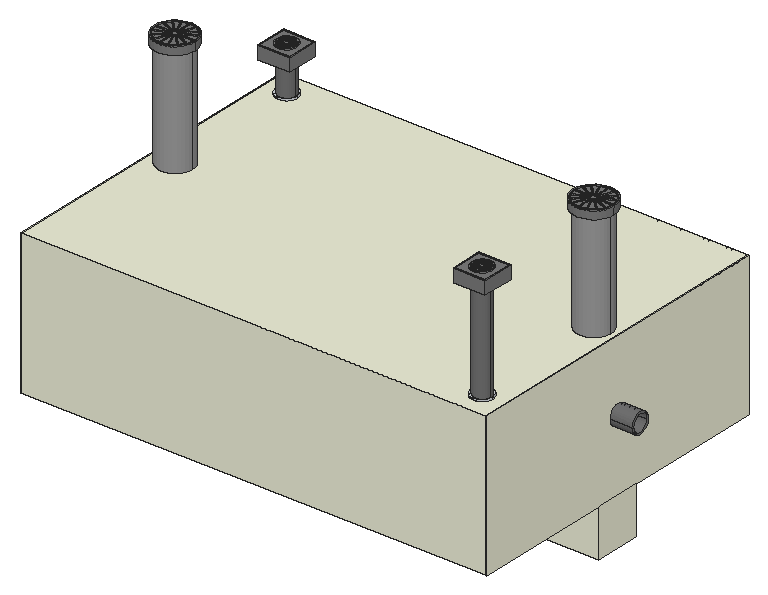
Revit family "Civil_Drainage_ACO_StormBrixx wm", category Pipe Accessories, Revit 2013
Parameters (values of type "Attenuation System Configuration")
  no of Units in W [instance] = Rough Width / 600 mm  # 7
  no of Units in L [instance] = Rough Length / 600 mm  # 10
  no of Units in D [instance] = Rough Depth / 610 mm  # 3
  e-mail Technical = "technical@aco.co.uk"
  e-mail Sales = "customersupport@aco.co.uk"
  _distributed by = "www.aco.co.uk"
  _current revision = 1
  Width [instance] = 600 mm * no of Units in W  # 4200 mm
  Watermarked With = "BIM Manager Premium Suite"
  Watermarked By = "www.aco.co.uk"
  Watermark 1 = "This file is the property of ACO Technologies PLC"
  Watermark 2 = "This file is water marked and users are prohibited to reproduce, adapt, distribute this information"
  WarrantyStartDate = ""
  WarrantyGuarantorParts = ""
  WarrantyGuarantorLabor = ""
  WarrantyDurationUnit = ""
  WarrantyDurationParts = ""
  WarrantyDurationLabor = ""
  WarrantyDescription = ""
  Volume [instance] = Length * Width * Depth  # 46.116 m³
  Uniclass2 = ""
  URL = "www.aco.co.uk"
  TypeName = ""
  Type Comments = "Attenuation System"
  Trap W = 600 mm
  Top Cover = "Product Code: 314022 (set of 4), Material: Recycled Polypropylene, Weight: 0.8kg (per set), Colour: Black, Dimensions: 550mm x550mm x 43mm (L x W x H)"
  Telephone = "+44 (0)1462 816666"
  Tank Body = "Product Code: 314020, Material: Recycled Polypropylene, Weight: 10kg, Colour: Black, Dimensions: 1200mm x 600mm x 305mm (L x W x H), Vertical compressive strength: 420 kN/m², Lateral compressive strength: 90 kN/m², Void Ratio: 95%"
  TagNumber = 0
  SpareParts = ""
  Side Panel = "Product Code: 314021, Material: Recycled Polypropylene, Weight: 1.6kg, Colour: Black, Dimensions: 580mm x 578mm x 35mm (L x W x H)"
  Show Grid [instance] = yes
  SerialNumber = 0
  SIC = yes
  Rough Width [instance] = 4250 mm
  Rough Length [instance] = 6050 mm
  Rough Depth [instance] = 1800 mm
  ReplacementCost = ""
  Product Website = "www.stormbrixx.co.uk"
  Product Documentation = "http://www.aco.co.uk/download.php?id=493"
  Outlet Inspection Chamber Height [instance] = 600 mm
  Outlet Inspection Chamber [instance] = yes
  Outlet Connection Side = not(Outlet Connection Pipe)  # no
  Outlet Connection Position (W) [instance] = 2108 mm
  Outlet Connection Position (H) [instance] = 900 mm
  Outlet Connection Pipe = yes
  Outlet Access Chamber Height [instance] = 1500 mm
  Outlet Access Chamber [instance] = yes
  NominalWidth [instance] = Width  # 4200 mm
  NominalLength [instance] = Length  # 6000 mm
  NominalHeight [instance] = Depth  # 1830 mm
  Name = ""
  ModelNumber = ""
  Model = "StormBrixx"
  Manufacturers Address = "ACO Business Park, Hitchin Road, Shefford, Bedfordshire, United Kingdow, SG17 5TE"
  Manufacturer = "ACO Technologies plc"
  Maintenance Guidelines = "http://www.aco.co.uk/download.php?id=493"
  MIC = no
  Low Flow / Draindown Facility [instance] = yes
  Loss Method = K Coefficient from Table
  Location of ConIn = 900 mm
  Length [instance] = 600 mm * no of Units in L  # 6000 mm
  Layer Connector = "Product Code: 314023, Material: Recycled Polypropylene, Weight: 0.1kg, Colour: Red, Dimensions: 100mm x 40mm x 46mm (L x W x H)"
  Keynote = "R17:315"
  InstallationDate = ""
  Installation Guidelines = "http://www.aco.co.uk/download.php?id=493"
  Inlet Inspection Chamber Height [instance] = 1500 mm
  Inlet Inspection Chamber [instance] = yes
  Inlet Connection Position (W) [instance] = 2108 mm
  Inlet Connection Pipe = yes
  Inlet Access Chamber Height [instance] = 1500 mm
  Inlet Access Chamber [instance] = yes
  Inlect Connection Position (H) [instance] = 900 mm
  Ground Cover [instance] = 1000 mm
  Fax = "+44 (0)1462 815895"
  ExpectedLife = 0
  Exidentifier = ""
  Exc A = 25.00°
  DurationUnit = ""
  Draindown Width = 600 mm
  Draindown Position [instance] = 1808 mm
  Draindown Depth = 610 mm
  DocumentationLink = ""
  Description = "ACO StormBrixx Attenuation System, configured as Attenuation system"
  Depth [instance] = 610 mm * no of Units in D  # 1830 mm
  CreatedOn = ""
  CreatedBy = ""
  Cost = 0
  Connection OUT Rad = Connection OUT Dia / 2  # 112.5 mm
  Connection OUT Dia = 225 mm
  Connection IN Rad = Conection IN Dia / 2  # 112.5 mm
  Conection IN Dia = 225 mm
  Con B Out = Connection OUT Rad + 15 mm  # 127.5 mm
  Con A Out = Connection IN Rad + 15 mm  # 127.5 mm
  Barcode = 0
  AssetType = ""
  AssetIdentifier = ""
  Assembly Code = "D2090300"
Types (2, lengths in mm): name | Type Comments | Top Cover | SIC | Rough Width | Outlet Connection Side | Outlet Connection Position (W) | Outlet Connection Position (H) | Outlet Connection Pipe | Outlet Access Chamber | MIC | Inlet Connection Position (W) | Inlect Connection Position (H) | Description
  Attenuation System Configuration | "Attenuation System" | "Product Code: 314022 (set of 4), Material: Recycled Polypropylene, Weight: 0.8kg (per set), Colour: Black, Dimensions: 550mm x550mm x 43mm (L x W x H)" | yes | 4250 | no | 2108 | 900 | yes | yes | no | 2108 | 900 | "ACO StormBrixx Attenuation System, configured as Attenuation system"
  Infiltration System Configuration | "Inflitration System" | "Product Code: 314022 (set of 4), Material: Recycled Polypropylene, Weight: 0.8kg (per set), Colour: Black, Dimensions: 550mm x 550mm x 43mm (L x W x H)" | no | 4226.671 | yes | 1112.008 | 1220 | no | no | yes | 1231.229 | 1299.004 | "ACO StormBrixx Auttenuation System, configured as Infiltration system"
Reference planes
  plane 1 "Center (Front/Back)": y = -49.9
  plane 2: z = 0
  plane 3 "Center (Left/Right)": x = -63.503
  plane 4: y = 2050.1
  plane 5: y = -2149.9
  plane 6: x = -3063.503
  plane 7: x = 2936.497
  plane 8 "TOP OF BODY": z = -1000
  plane 9: z = -2830
  plane 10 "CoinInHoriz": z = -1900
  plane 11 "CoinOutHoriz": z = -1796.171
  plane 12: y = 2075.1
  plane 13: y = -2174.9
  plane 14: x = -3088.503
  plane 15: x = 2961.497
  plane 16: y = 1750.1
  plane 17: x = -2763.503
  plane 18: y = -1849.9
  plane 19: x = 2636.497
  plane 20: z = -400
  plane 21: z = 500
  plane 22: z = -975
  plane 23: y = 2058.1
  plane 24: x = -3071.503
  plane 25: x = 2944.497
  plane 26: y = -2157.9
  plane 27: z = -2838
  plane 28: z = -992
  plane 29: z = -100
  plane 30: x = -3363.503
  plane 31: x = 3236.497
  plane 32: x = -2763.503
  plane 33: x = -2163.503
  plane 34: x = -1563.503
  plane 35: x = -963.503
  plane 36: x = -363.503
  plane 37: x = 236.497
  plane 38: x = 836.497
  plane 39: x = 1436.497
  plane 40: x = 2036.497
  plane 41: x = 2636.497
  plane 42: x = 3236.497
  plane 43: x = 3836.497
  plane 44: y = 1150.1
  plane 45: y = 548.434
  plane 46: y = -53.233
  plane 47: y = -654.899
  plane 48: y = -1256.566
  plane 49: y = -1858.232
  plane 50: y = -2459.898
  plane 51: y = -3061.565
  plane 52: y = 250.1
  plane 53: y = -349.9
  plane 54: y = 242.1
  plane 55: y = -341.9
  plane 56: z = -3440
  plane 57: z = -3448
  plane 58: y = -49.9
  plane 59: z = -1900
  plane 60: z = -1900
  plane 61: y = -49.9
  plane 62: x = -2763.503
  plane 63: x = 2636.497
Forms (mm)
  Extrusion 1, solid, visible <- "Low Flow / Draindown Facility"
    sketch origin (0, 0, 0) x (1, 0, 0) y (0, 1, 0)
      loop
        line (-3063.503, 2050.1) -> (-3063.503, -2149.9) -> (2936.497, -2149.9) -> (2936.497, 2050.1) -> (-3063.503, 2050.1)
    from -2830 to -1000
  Extrusion 2, solid, visible <- "Low Flow / Draindown Facility"
    sketch origin (-63.503, 0, 0) x (0, 1, 0) y (0, 0, 1)
      loop
        line (242.1, -3440) -> (242.1, -2830) -> (-341.9, -2830) -> (-341.9, -3440) -> (242.1, -3440)
    from -3000 to 3000
  Extrusion 3, solid
    sketch origin (0, 0, 0) x (1, 0, 0) y (0, 1, 0)
      loop
        circle (-2763.503, 1750.1) r 112.5
      loop
        circle (-2763.503, 1750.1) r 137.5
    from -1000 to -975
  Extrusion 4, solid
    sketch origin (0, 0, 0) x (1, 0, 0) y (0, 1, 0)
      loop
        circle (2636.497, -1849.9) r 112.5
      loop
        circle (2636.497, -1849.9) r 137.5
    from -1000 to -975
  Extrusion 5, solid, material "ACO_Plastic_Black", visible <- "Outlet Connection Pipe"
    sketch origin (-3063.503, 0, 0) x (0, -1, 0) y (0, 0, 1)
      loop
        circle (49.9, -1900) r 112.5
      loop
        circle (49.9, -1900) r 127.5
    from 0 to 300
  Extrusion 6, solid, material "ACO_Plastic_Black", visible <- "Inlet Connection Pipe"
    sketch origin (2936.497, 0, 0) x (0, 1, 0) y (0, 0, 1)
      loop
        circle (-49.9, -1900) r 112.5
      loop
        circle (-49.9, -1900) r 127.5
    from 0 to 300
  Extrusion 7, solid, material "ACO_ACOTex_Plus_Protection_Fleece"
    sketch origin (-63.503, 0, 0) x (0, 1, 0) y (0, 0, 1)
      loop
        line (2058.1, -992) -> (-2157.9, -992) -> (-2157.9, -2838) -> (2058.1, -2838) -> (2058.1, -992)
      loop
        line (2050.1, -1000) -> (-2149.9, -1000) -> (-2149.9, -2830) -> (2050.1, -2830) -> (2050.1, -1000)
    from -3000 to 3000
  Extrusion 8, solid, material "ACO_ACOTex_Plus_Protection_Fleece"
    sketch origin (-63.503, 0, 0) x (0, 1, 0) y (0, 0, 1)
      loop
        line (2058.1, -992) -> (-2157.9, -992) -> (-2157.9, -2838) -> (2058.1, -2838) -> (2058.1, -992)
      loop
        circle (-49.9, -1900) r 127.5
    from 3000 to 3008
  Extrusion 9, solid, material "ACO_ACOTex_Plus_Protection_Fleece", visible <- "Outlet Connection Pipe"
    sketch origin (-63.503, 0, 0) x (0, 1, 0) y (0, 0, 1)
      loop
        line (2058.1, -992) -> (-2157.9, -992) -> (-2157.9, -2838) -> (2058.1, -2838) -> (2058.1, -992)
      loop
        circle (-49.9, -1900) r 127.5
    from -3008 to -3000
  Extrusion 10, solid, material "ACO_ACOTex_Plus_Protection_Fleece", visible <- "Low Flow / Draindown Facility"
    sketch origin (-63.503, 0, 0) x (0, 1, 0) y (0, 0, 1)
      loop
        line (250.1, -2838) -> (-349.9, -2838) -> (-349.9, -3448) -> (250.1, -3448) -> (250.1, -2838)
    from -3008 to -3000
  Extrusion 11, solid, material "ACO_ACOTex_Plus_Protection_Fleece", visible <- "Low Flow / Draindown Facility"
    sketch origin (-63.503, 0, 0) x (0, 1, 0) y (0, 0, 1)
      loop
        line (242.1, -2838) -> (242.1, -3440) -> (-341.9, -3440) -> (-341.9, -2838) -> (-349.9, -2838) -> (-349.9, -3448) -> (250.1, -3448) -> (250.1, -2838) -> (242.1, -2838)
    from -3000 to 3000
  Extrusion 12, solid, material "ACO_ACOTex_Plus_Protection_Fleece", visible <- "Low Flow / Draindown Facility"
    sketch origin (-63.503, 0, 0) x (0, 1, 0) y (0, 0, 1)
      loop
        line (250.1, -3448) -> (250.1, -2838) -> (-349.9, -2838) -> (-349.9, -3448) -> (250.1, -3448)
    from 3000 to 3008
  Extrusion 13, solid, material "ACO_ACOTex_Plus_Protection_Fleece", visible <- "Outlet Connection Side"
    sketch origin (-63.503, 0, 0) x (0, 1, 0) y (0, 0, 1)
      loop
        line (2058.1, -2838) -> (2058.1, -992) -> (-2157.9, -992) -> (-2157.9, -2838) -> (2058.1, -2838)
    from -3008 to -3000
Cuts and joins
  joined: Extrusion 10, Extrusion 11, Extrusion 12
Dimensions and locks
  equal spacing: plane 6, plane 3 "Center (Left/Right)", plane 7
  "Length": plane 6 to plane 7
  equal spacing: plane 4, plane 1 "Center (Front/Back)", plane 5
  "Width": plane 4 to plane 5
  "Ground Cover": level to plane 8 "TOP OF BODY"
  "Depth": plane 8 "TOP OF BODY" to plane 9
  "Location of ConIn": plane 8 "TOP OF BODY" to plane 10 "CoinInHoriz"
  plane 8 "TOP OF BODY" to plane 11 "CoinOutHoriz" = 796.171 mm
  equal spacing: plane 12, plane 1 "Center (Front/Back)", plane 13
  "Rough Width": plane 12 to plane 13
  equal spacing: plane 14, plane 3 "Center (Left/Right)", plane 15
  "Rough Length": plane 14 to plane 15
  locked: plane 6 to plane 17 at 300
  locked: plane 4 to plane 16 at 300
  locked: plane 18 to plane 5 at 300
  locked: plane 19 to plane 7 at 300
  plane 20 to plane 8 "TOP OF BODY" = 600 mm
  locked: plane 22 to plane 8 "TOP OF BODY" at 25
  plane 21 to plane 8 "TOP OF BODY" = 1500 mm
  plane 8 "TOP OF BODY" to plane 9 = 1830 mm
  locked: plane 23 to plane 4 at 8
  locked: plane 24 to plane 6 at 8
  locked: plane 7 to plane 25 at 8
  locked: plane 26 to plane 5 at 8
  locked: plane 9 to plane 27 at 8
  locked: plane 28 to plane 8 "TOP OF BODY" at 8
  locked: plane 29 to plane 20 at 300
  locked: plane 30 to plane 6 at 300
  locked: plane 7 to plane 31 at 300
  locked: plane 6 to plane 32 at 300
  equal spacing: group 2, group 3, group 4, group 5, group 6, group 7, group 8, group 9, group 10, group 11, group 12, group 13  (x3)
  locked: plane 16 to plane 44 at 600
  equal spacing: group 14, group 15, group 16, group 17, group 18, group 19, group 20, group 21  (x2)
  equal spacing: group 21, group 20, group 19, group 18, group 17, group 16, group 15, group 14
  "Draindown Width": plane 52 to plane 53
  locked: plane 52 to plane 54 at 8
  locked: plane 55 to plane 53 at 8
  locked: plane 56 to plane 57 at 8
  "Draindown Depth": plane 27 to plane 57
  "Draindown Position": plane 23 to plane 52
  "Inlet Connection Position (W)": plane 23 to plane 58
  "Inlect Connection Position (H)": plane 8 "TOP OF BODY" to plane 59
  "Outlet Connection Position (W)": plane 26 to plane 61
  "Outlet Connection Position (H)": plane 8 "TOP OF BODY" to plane 60
  locked: plane 24 to plane 62 at 308
  locked: plane 63 to plane 25 at 308
  "Connection IN Rad": radius of Extrusion 5 sketch curve
  "Con A Out": radius of Extrusion 5 sketch curve
  "Connection OUT Rad": radius of Extrusion 6 sketch curve
  "Con B Out": radius of Extrusion 6 sketch curve
  "Con B Out": radius of Extrusion 8 sketch curve
  "Con A Out": radius of Extrusion 9 sketch curve
  aligned and locked: level to plane 2
  aligned and locked: Extrusion 1 to plane 9
  aligned and locked: plane 8 "TOP OF BODY" to Extrusion 1
  aligned and locked: plane 7 to Extrusion 1
  aligned and locked: nested 2 to plane 4
  aligned and locked: plane 6 to nested 2
  aligned and locked: Extrusion 2 to plane 6
  aligned and locked: Extrusion 3 to plane 8 "TOP OF BODY"
  aligned and locked: plane 22 to Extrusion 3
  aligned and locked: Extrusion 4 to plane 8 "TOP OF BODY"
  aligned and locked: Extrusion 4 to Extrusion 3
  aligned and locked: nested 3 to Extrusion 1
  aligned and locked: nested 3 to plane 16
  aligned and locked: plane 17 to nested 3
  aligned and locked: nested 4 to Extrusion 1
  aligned and locked: nested 4 to plane 18
  aligned and locked: plane 19 to nested 4
  aligned and locked: Extrusion 1 to Extrusion 2  (x2)
  aligned and locked: Extrusion 7 to Extrusion 1  (x2)
  aligned and locked: Extrusion 8 to plane 7
  aligned and locked: plane 25 to Extrusion 8
  aligned and locked: plane 6 to Extrusion 9
  aligned and locked: Extrusion 9 to plane 24
  aligned and locked: Extrusion 5 to plane 30
  aligned and locked: plane 31 to Extrusion 6
  aligned and locked: plane 6 to Extrusion 10
  aligned and locked: Extrusion 10 to plane 24
  aligned and locked: Extrusion 11 to Extrusion 10
  aligned and locked: Extrusion 12 to Extrusion 2
  aligned and locked: cut or joined group of Extrusion 10, Extrusion 11, Extrusion 12 to Extrusion 12
  aligned and locked: nested 5 to plane 8 "TOP OF BODY"
  aligned and locked: plane 52 to Extrusion 10 sketch curve
  aligned and locked: Extrusion 10 sketch curve to plane 53
  aligned and locked: plane 52 to Extrusion 11 sketch curve
  aligned and locked: Extrusion 11 sketch curve to plane 54
  aligned and locked: Extrusion 11 sketch curve to plane 53
  aligned and locked: plane 55 to Extrusion 11 sketch curve
  aligned and locked: Extrusion 2 sketch curve to plane 54
  aligned and locked: plane 55 to Extrusion 2 sketch curve
  aligned and locked: Extrusion 12 sketch curve to plane 52
  aligned and locked: plane 53 to Extrusion 12 sketch curve
  aligned and locked: plane 57 to Extrusion 10 sketch curve
  aligned and locked: plane 57 to Extrusion 11 sketch curve
  aligned and locked: Extrusion 11 sketch curve to plane 56
  aligned and locked: Extrusion 12 sketch curve to plane 57
  aligned and locked: Extrusion 2 sketch curve to plane 56
  aligned and locked: nested 6 to plane 8 "TOP OF BODY"
  aligned and locked: plane 58 to Extrusion 5 sketch curve  (x2)
  aligned and locked: plane 59 to Extrusion 5 sketch curve  (x2)
  aligned and locked: plane 59 to Extrusion 9 sketch curve
  aligned and locked: plane 58 to Extrusion 9 sketch curve
  aligned and locked: plane 61 to Extrusion 6 sketch curve  (x2)
  aligned and locked: Extrusion 6 sketch curve to plane 60  (x2)
  aligned and locked: plane 61 to Extrusion 8 sketch curve
  aligned and locked: Extrusion 8 sketch curve to plane 60
  aligned and locked: plane 1 "Center (Front/Back)" to nested 5
  aligned and locked: plane 1 "Center (Front/Back)" to nested 6
  aligned and locked: nested 6 to plane 62
  aligned and locked: nested 5 to plane 63
  aligned and locked: plane 27 to Extrusion 13 sketch curve
  aligned and locked: plane 28 to Extrusion 13 sketch curve
  aligned and locked: plane 26 to Extrusion 13 sketch curve
  aligned and locked: plane 23 to Extrusion 13 sketch curve
  aligned and locked: plane 6 to Extrusion 13
  aligned and locked: Extrusion 13 to plane 24
Automatic sketch dimensions
  plane 5 to Extrusion 1 sketch curve = 0 mm
  Extrusion 1 sketch curve to plane 6 = 0 mm
  Extrusion 1 sketch curve to plane 7 = 0 mm
  Extrusion 1 sketch curve to plane 4 = 0 mm
  Extrusion 2 sketch curve to plane 9 = 0 mm
  Extrusion 3 sketch curve to plane 16 = 0 mm
  Extrusion 3 sketch curve to plane 17 = 0 mm
  Extrusion 3 sketch curve to Extrusion 3 sketch curve = 0 mm  (x2)
  Extrusion 4 sketch curve to plane 18 = 0 mm
  Extrusion 4 sketch curve to plane 19 = 0 mm
  Extrusion 4 sketch curve to Extrusion 4 sketch curve = 0 mm  (x2)
  Extrusion 7 sketch curve to plane 26 = 0 mm
  Extrusion 7 sketch curve to plane 28 = 0 mm
  Extrusion 7 sketch curve to plane 23 = 8 mm
  Extrusion 7 sketch curve to plane 28 = 8 mm
  Extrusion 7 sketch curve to plane 26 = 8 mm
  plane 27 to Extrusion 7 sketch curve = 8 mm
  Extrusion 10 sketch curve to plane 9 = 8 mm
  Extrusion 7 sketch curve to plane 23 = 0 mm
  Extrusion 7 sketch curve to plane 27 = 0 mm
  Extrusion 11 sketch curve to plane 27 = 0 mm  (x2)
  Extrusion 12 sketch curve to plane 27 = 0 mm
  Extrusion 8 sketch curve to plane 26 = 0 mm
  Extrusion 8 sketch curve to plane 23 = 0 mm
  Extrusion 8 sketch curve to plane 27 = 0 mm
  Extrusion 8 sketch curve to plane 28 = 0 mm
  Extrusion 9 sketch curve to plane 26 = 0 mm
  Extrusion 9 sketch curve to plane 23 = 0 mm
  Extrusion 9 sketch curve to plane 27 = 0 mm
  Extrusion 9 sketch curve to plane 28 = 0 mm
  radius of Extrusion 3 sketch curve = 112.5 mm
  radius of Extrusion 3 sketch curve = 137.5 mm
  radius of Extrusion 4 sketch curve = 112.5 mm
  radius of Extrusion 4 sketch curve = 137.5 mm
Nested families
  nested 1: "Family6" at (-3663.503, 3000, 0), type "Family6", not visible
  nested 2: "Family6" at (-3063.503, 2050.1, -992), visible <- "Show Grid", type "Family6", detail levels fine
  nested 3: "Piping-Inspection Chamber-ACO_Stormbrixx_Inspection_Chamber" at (-2763.503, 1750.1, -1000), Height <- "Outlet Inspection Chamber Height", visible <- "Outlet Inspection Chamber", type "Piping-Inspection Chamber-ACO_Stormbrixx_Inspection_Chamber"
    with Height 600 mm
  nested 4: "Piping-Inspection Chamber-ACO_Stormbrixx_Inspection_Chamber" at (2636.497, -1849.9, -1000), Height <- "Inlet Inspection Chamber Height", visible <- "Inlet Inspection Chamber", type "Piping-Inspection Chamber-ACO_Stormbrixx_Inspection_Chamber"
    with Height 1500 mm
  nested 5: "Piping-Accessories-Access Chamber-ACO_StormBrixx_Access_Chamber" at (2636.497, -49.9, -1000), Height <- "Inlet Access Chamber Height", visible <- "Inlet Access Chamber", type "Piping-Accessories-Access Chamber-ACO_StormBrixx_Access_Chamber"
    with Height 1500 mm
  nested 6: "Piping-Accessories-Access Chamber-ACO_StormBrixx_Access_Chamber" at (-2763.503, -49.9, -1000), visible <- "Outlet Access Chamber", Height <- "Outlet Access Chamber Height", type "Piping-Accessories-Access Chamber-ACO_StormBrixx_Access_Chamber"
    with Height 1500 mm
Connectors
  piping at (-3363.503, -49.9, -1900), driven by "Connection IN Rad"
    settings: on Extrusion 5, index 3, connector radius 112.5 mm, flow factor 0, pipe flow 0.0 L/s, pressure drop 0.0 Pa, fitting loss kfactor 0, connector angle 0.00°, fixture units 0, engagement length 0 mm, flow configuration 0, flow direction 0, fitting loss method 0, system type 7, joint type 0, gender type 0, connector reference index 4, connector utility 0, adjustable connector no, is connector primary yes, fitting loss table "", connector description ""
  piping at (3236.497, -49.9, -1900), driven by "Connection OUT Rad"
    settings: on Extrusion 6, index 4, connector radius 112.5 mm, flow factor 0, pipe flow 0.0 L/s, pressure drop 0.0 Pa, fitting loss kfactor 0, connector angle 0.00°, fixture units 0, engagement length 0 mm, flow configuration 0, flow direction 0, fitting loss method 0, system type 7, joint type 0, gender type 0, connector reference index 3, connector utility 0, adjustable connector no, is connector primary no, fitting loss table "", connector description ""
Definition of nested family "Piping-Inspection Chamber-ACO_Stormbrixx_Inspection_Chamber"
  Parameters (values of type "Piping-Inspection Chamber-ACO_Stormbrixx_Inspection_Chamber")
    piping = ACO_Plastic_Black
    e-mail technical = "technical@aco.co.uk"
    e-mail Sales = "customersupport@aco.co.uk"
    connector = Generic Plastic Pipe
    Weight (kg) = 2.5
    Watermarked By = ""
    URL = "www.aco.co.uk"
    Type Comments = Model  # "Inspection Chamber Module"
    Telephone = "+44 (0)1462 816666"
    Recycled Material Content = "0%"
    Recyclable = "Fully Recyclable"
    Product Website = "www.stormbrixx.co.uk"
    Product Type = "Stormwater attenuation & filtration"
    Product Range = "ACO StormBrixx"
    Product Code = "27018"
    Model = "Inspection Chamber Module"
    Material = "Polyethylene"
    Manufacturer = "ACO Technologies plc"
    Maintenance Guidelines = "http://www.aco.co.uk/download.php?id=493"
    Length = 600 mm
    Keynote = "R17:315"
    Installation Guidelines = "http://www.aco.co.uk/download.php?id=493"
    Height [instance] = 2000 mm
    Fax = "+44 (0)1462 815895"
    Dimensions = "600mm x 600mm x 200mm (LxWxH)"
    Description = "Inspection Chamber Module"
    Depth = 180 mm
    Cost = 0
    Colour = "Black"
    Assembly Code = "D2090300"
  Reference planes
    plane 1 "Center (Front/Back)": y = 0
    plane 2: z = 0
    plane 3 "Center (Left/Right)": x = 0
    plane 4: z = 2000
    plane 5: z = 1820
    plane 6: y = 300
    plane 7: y = -300
    plane 8: x = -300
    plane 9: x = 300
    plane 10: z = 1965
    plane 11: z = 1990
    plane 12: z = 1999
    plane 13: z = -3100
    plane 14: z = 1991
    plane 15: z = 631
  Forms (mm)
    Extrusion 1, solid, material "ACO_Ductile_IRON"
      sketch origin (0, 0, 0) x (1, 0, 0) y (0, 1, 0)
        loop
          line (-205, 205) -> (-205, -205) -> (205, -205) -> (205, 205) -> (-205, 205)
      from 1820 to 1990
    Extrusion 2, solid, material "ACO_Ductile_IRON"
      sketch origin (0, 0, 0) x (1, 0, 0) y (0, 1, 0)
        loop
          circle (0, 0) r 112.5
      from 1965 to 2000
    Extrusion 3, solid, material "ACO_Ductile_IRON"
      sketch origin (0, 0, 0) x (1, 0, 0) y (0, 1, 0)
        loop
          circle (0, 0) r 130.5
        loop
          circle (0, 0) r 113.53
      from 2000 to 1990
    Extrusion 4, void, detail levels medium+fine
      sketch origin (0, 0, 2000) x (0, 1, 0) y (1, 0, 0)
        loop
          circle (104.746, 0) r 5
        loop
          circle (84.746, 0) r 5
        loop
          circle (64.746, 0) r 5
        loop
          circle (44.746, 0) r 5
        loop
          circle (0, 0) r 30
        loop
          circle (0, -104.746) r 5
        loop
          circle (0, -84.746) r 5
        loop
          circle (0, -64.746) r 5
        loop
          circle (0, -44.746) r 5
        loop
          circle (-104.746, 0) r 5
        loop
          circle (-84.746, 0) r 5
        loop
          circle (-64.746, 0) r 5
        loop
          circle (-44.746, 0) r 5
        loop
          circle (0, 104.746) r 5
        loop
          circle (0, 84.746) r 5
        loop
          circle (0, 64.746) r 5
        loop
          circle (0, 44.746) r 5
        loop
          circle (74.067, 74.067) r 5
        loop
          circle (59.924, 59.924) r 5
        loop
          circle (45.782, 45.782) r 5
        loop
          circle (31.64, 31.64) r 5
        loop
          circle (96.773, 40.085) r 5
        loop
          circle (78.295, 32.431) r 5
        loop
          circle (59.817, 24.777) r 5
        loop
          circle (41.34, 17.124) r 5
        loop
          circle (40.085, 96.773) r 5
        loop
          circle (32.431, 78.295) r 5
        loop
          circle (24.777, 59.817) r 5
        loop
          circle (17.124, 41.34) r 5
        loop
          circle (74.067, -74.067) r 5
        loop
          circle (59.924, -59.924) r 5
        loop
          circle (45.782, -45.782) r 5
        loop
          circle (31.64, -31.64) r 5
        loop
          circle (96.773, -40.085) r 5
        loop
          circle (78.295, -32.431) r 5
        loop
          circle (59.817, -24.777) r 5
        loop
          circle (41.34, -17.124) r 5
        loop
          circle (40.085, -96.773) r 5
        loop
          circle (32.431, -78.295) r 5
        loop
          circle (24.777, -59.817) r 5
        loop
          circle (17.124, -41.34) r 5
        loop
          circle (-74.067, -74.067) r 5
        loop
          circle (-59.924, -59.924) r 5
        loop
          circle (-45.782, -45.782) r 5
        loop
          circle (-31.64, -31.64) r 5
        loop
          circle (-96.773, -40.085) r 5
        loop
          circle (-78.295, -32.431) r 5
        loop
          circle (-59.817, -24.777) r 5
        loop
          circle (-41.34, -17.124) r 5
        loop
          circle (-40.085, -96.773) r 5
        loop
          circle (-32.431, -78.295) r 5
        loop
          circle (-24.777, -59.817) r 5
        loop
          circle (-17.124, -41.34) r 5
        loop
          circle (-74.067, 74.067) r 5
        loop
          circle (-59.924, 59.924) r 5
        loop
          circle (-45.782, 45.782) r 5
        loop
          circle (-31.64, 31.64) r 5
        loop
          circle (-96.773, 40.085) r 5
        loop
          circle (-78.295, 32.431) r 5
        loop
          circle (-59.817, 24.777) r 5
        loop
          circle (-41.34, 17.124) r 5
        loop
          circle (-40.085, 96.773) r 5
        loop
          circle (-32.431, 78.295) r 5
        loop
          circle (-24.777, 59.817) r 5
        loop
          circle (-17.124, 41.34) r 5
      from 0 to 1
    Extrusion 5, solid, material "ACO_Plastic_Black" <- "piping"
      sketch origin (0, 0, 0) x (1, 0, 0) y (0, 1, 0)
        loop
          circle (0, 0) r 112.5
      from 0 to 1820
    Extrusion 6, solid, material "ACO_Ductile_IRON"
      sketch origin (0, 0, 2000) x (1, 0, 0) y (0, 1, 0)
        loop
          line (-205, 205) -> (-205, -205) -> (205, -205) -> (205, 205) -> (-205, 205)
        loop
          line (-197, 197) -> (-197, -197) -> (197, -197) -> (197, 197) -> (-197, 197)
      from -10 to -9
  Cuts and joins
    Extrusion 4 cuts Extrusion 1
    Extrusion 4 cuts Extrusion 3
    joined: Extrusion 1, Extrusion 3
    Extrusion 4 cuts Extrusion 2
  Dimensions and locks
    "Height": plane 4 to level
    "Depth": plane 4 to plane 5
    equal spacing: plane 8, plane 3 "Center (Left/Right)", plane 9
    "Length": plane 8 to plane 9
    equal spacing: plane 6, plane 1 "Center (Front/Back)", plane 7
    "Length": plane 7 to plane 6
    locked: plane 4 to plane 10 at 35
    locked: plane 12 to plane 4 at 1
    locked: level to plane 13 at 3100
    locked: plane 4 to plane 11 at 10
    locked: plane 14 to plane 11 at 1
    aligned and locked: level to plane 2
    aligned and locked: Extrusion 1 to plane 5
    aligned and locked: plane 4 to Extrusion 2
    aligned and locked: Extrusion 2 to plane 10
    aligned and locked: plane 11 to Extrusion 1
    aligned and locked: plane 12 to cut or joined group of Extrusion 2, Extrusion 4
    aligned and locked: plane 4 to Extrusion 4
    aligned and locked: plane 5 to Extrusion 5
    aligned and locked: Extrusion 5 to level
    aligned and locked: Extrusion 3 to Extrusion 1
    aligned and locked: plane 4 to Extrusion 3
    aligned and locked: Extrusion 6 to cut or joined group of Extrusion 1, Extrusion 3, Extrusion 4
    aligned and locked: plane 14 to Extrusion 6
    aligned and locked: Extrusion 1 sketch curve to Extrusion 6  (x4)
  Automatic sketch dimensions
    plane 1 "Center (Front/Back)" to Extrusion 2 sketch curve = 0 mm
    Extrusion 2 sketch curve to plane 3 "Center (Left/Right)" = 0 mm
    Extrusion 4 sketch curve to Extrusion 4 sketch curve = 17.124 mm  (x11)
    Extrusion 4 sketch curve to Extrusion 4 sketch curve = 7.654 mm  (x24)
    Extrusion 4 sketch curve to Extrusion 4 sketch curve = 14.517 mm  (x8)
    Extrusion 4 sketch curve to Extrusion 4 sketch curve = 9.7 mm  (x8)
    Extrusion 4 sketch curve to Extrusion 4 sketch curve = 3.406 mm  (x4)
    Extrusion 4 sketch curve to Extrusion 4 sketch curve = 14.142 mm  (x24)
    Extrusion 4 sketch curve to Extrusion 4 sketch curve = 18.478 mm  (x24)
    Extrusion 4 sketch curve to Extrusion 4 sketch curve = 20 mm  (x12)
    Extrusion 4 sketch curve to Extrusion 4 sketch curve = 0 mm  (x10)
    Extrusion 4 sketch curve to Extrusion 4 sketch curve = 40.085 mm  (x2)
    Extrusion 4 sketch curve to Extrusion 4 sketch curve = 7.973 mm
    Extrusion 3 sketch curve to Extrusion 3 sketch curve = 0 mm  (x2)
    plane 1 "Center (Front/Back)" to Extrusion 3 sketch curve = 0 mm
    Extrusion 3 sketch curve to plane 3 "Center (Left/Right)" = 0 mm
    plane 1 "Center (Front/Back)" to Extrusion 5 sketch curve = 0 mm
    Extrusion 5 sketch curve to plane 3 "Center (Left/Right)" = 0 mm
    Extrusion 6 sketch curve to Extrusion 6 sketch curve = 410 mm  (x2)
    Extrusion 6 sketch curve to Extrusion 6 sketch curve = 8 mm  (x4)
    radius of Extrusion 2 sketch curve = 112.5 mm
    radius of Extrusion 4 sketch curve to Extrusion 2 = 82.5 mm
    radius of Extrusion 4 sketch curve = 5 mm  (x64)
    radius of Extrusion 3 sketch curve = 130.5 mm
    radius of Extrusion 3 sketch curve = 113.53 mm
    radius of Extrusion 5 sketch curve = 112.5 mm
Definition of nested family "Piping-Accessories-Access Chamber-ACO_StormBrixx_Access_Chamber"
  Parameters (values of type "Piping-Accessories-Access Chamber-ACO_StormBrixx_Access_Chamber")
    pipe fitting = Generic Plastic Pipe
    e-mail technical = "technical@aco.co.uk"
    e-mail Sales = "customersupport@aco.co.uk"
    connector = ACO_Plastic_Black
    Weight (kg) = 32
    Watermarked By = ""
    URL = "www.aco.co.uk"
    Type Comments = Model  # "Access Chamber Module"
    Telephone = "+44 (0)1462 816666"
    Recycled Material Content = "0%"
    Recyclable = "Fully Recyclable"
    Product Website = "www.stormbrixx.co.uk"
    Product Type = "Stormwater attenuation & filtration"
    Product Range = "ACO Stormbrixx"
    Product Code = "27034"
    Model = "Access Chamber Module"
    Material = "High Density Polyethylene"
    Manufacturer = "ACO Technologies plc"
    Maintenance Guidelines = "http://www.aco.co.uk/download.php?id=493"
    Length = 600 mm
    Keynote = "R17:315"
    Installation Guidelines = "http://www.aco.co.uk/download.php?id=493"
    Height [instance] = 2000 mm
    Fax = "+44 (0)1462 815895"
    Dimensions = "594mm x 594mm x 610mm (LxWxH)"
    Description = "Access Chamber Module"
    Depth = 110 mm
    Cost = 0
    Colour = "Black"
    Assembly Code = "D2090300"
  Reference planes
    plane 1 "Center (Front/Back)": y = 0
    plane 2: z = 0
    plane 3 "Center (Left/Right)": x = 0
    plane 4: z = 2000
    plane 5: z = 1890
    plane 6: y = 300
    plane 7: y = -300
    plane 8: x = -300
    plane 9: x = 300
    plane 10: z = 1965
    plane 11: z = 1990
    plane 12: z = 1999
    plane 13: z = -3100
    plane 14: z = 1991
    plane 15: z = 631
  Forms (mm)
    Extrusion 1, solid, material "ACO_Ductile_IRON"
      sketch origin (0, 0, 0) x (1, 0, 0) y (0, 1, 0)
        loop
          circle (0, 0) r 264
      from 1890 to 1990
    Extrusion 2, solid, material "ACO_Ductile_IRON"
      sketch origin (0, 0, 0) x (1, 0, 0) y (0, 1, 0)
        loop
          circle (0, 0) r 247.017
      from 1965 to 2000
    Extrusion 3, solid, material "ACO_Ductile_IRON"
      sketch origin (0, 0, 0) x (1, 0, 0) y (0, 1, 0)
        loop
          circle (0, 0) r 264
        loop
          circle (0, 0) r 249
      from 2000 to 1990
    Extrusion 4, void, detail levels medium+fine
      sketch origin (0, 0, 2000) x (0, 1, 0) y (1, 0, 0)
        loop
          circle (104.746, 0) r 5
        loop
          circle (84.746, 0) r 5
        loop
          circle (64.746, 0) r 5
        loop
          circle (44.746, 0) r 5
        loop
          circle (0, 0) r 245
        loop
          circle (0, -104.746) r 5
        loop
          circle (0, -84.746) r 5
        loop
          circle (0, -64.746) r 5
        loop
          circle (0, -44.746) r 5
        loop
          circle (-104.746, 0) r 5
        loop
          circle (-84.746, 0) r 5
        loop
          circle (-64.746, 0) r 5
        loop
          circle (-44.746, 0) r 5
        loop
          circle (0, 104.746) r 5
        loop
          circle (0, 84.746) r 5
        loop
          circle (0, 64.746) r 5
        loop
          circle (0, 44.746) r 5
        loop
          circle (74.067, 74.067) r 5
        loop
          circle (59.924, 59.924) r 5
        loop
          circle (45.782, 45.782) r 5
        loop
          circle (31.64, 31.64) r 5
        loop
          circle (96.773, 40.085) r 5
        loop
          circle (78.295, 32.431) r 5
        loop
          circle (59.817, 24.777) r 5
        loop
          circle (41.34, 17.124) r 5
        loop
          circle (40.085, 96.773) r 5
        loop
          circle (32.431, 78.295) r 5
        loop
          circle (24.777, 59.817) r 5
        loop
          circle (17.124, 41.34) r 5
        loop
          circle (74.067, -74.067) r 5
        loop
          circle (59.924, -59.924) r 5
        loop
          circle (45.782, -45.782) r 5
        loop
          circle (31.64, -31.64) r 5
        loop
          circle (96.773, -40.085) r 5
        loop
          circle (78.295, -32.431) r 5
        loop
          circle (59.817, -24.777) r 5
        loop
          circle (41.34, -17.124) r 5
        loop
          circle (40.085, -96.773) r 5
        loop
          circle (32.431, -78.295) r 5
        loop
          circle (24.777, -59.817) r 5
        loop
          circle (17.124, -41.34) r 5
        loop
          circle (-74.067, -74.067) r 5
        loop
          circle (-59.924, -59.924) r 5
        loop
          circle (-45.782, -45.782) r 5
        loop
          circle (-31.64, -31.64) r 5
        loop
          circle (-96.773, -40.085) r 5
        loop
          circle (-78.295, -32.431) r 5
        loop
          circle (-59.817, -24.777) r 5
        loop
          circle (-41.34, -17.124) r 5
        loop
          circle (-40.085, -96.773) r 5
        loop
          circle (-32.431, -78.295) r 5
        loop
          circle (-24.777, -59.817) r 5
        loop
          circle (-17.124, -41.34) r 5
        loop
          circle (-74.067, 74.067) r 5
        loop
          circle (-59.924, 59.924) r 5
        loop
          circle (-45.782, 45.782) r 5
        loop
          circle (-31.64, 31.64) r 5
        loop
          circle (-96.773, 40.085) r 5
        loop
          circle (-78.295, 32.431) r 5
        loop
          circle (-59.817, 24.777) r 5
        loop
          circle (-41.34, 17.124) r 5
        loop
          circle (-40.085, 96.773) r 5
        loop
          circle (-32.431, 78.295) r 5
        loop
          circle (-24.777, 59.817) r 5
        loop
          circle (-17.124, 41.34) r 5
        loop
          circle (152.205, 63.046) r 5
        loop
          circle (133.728, 55.392) r 5
        loop
          circle (115.25, 47.738) r 5
        loop
          circle (189.161, 78.353) r 5
        loop
          circle (170.683, 70.699) r 5
        loop
          circle (116.493, 116.493) r 5
        loop
          circle (102.351, 102.351) r 5
        loop
          circle (88.209, 88.209) r 5
        loop
          circle (158.919, 158.919) r 5
        loop
          circle (144.777, 144.777) r 5
        loop
          circle (130.635, 130.635) r 5
        loop
          circle (207.638, 86.007) r 5
        loop
          circle (164.746, 0) r 5
        loop
          circle (144.746, 0) r 5
        loop
          circle (124.746, 0) r 5
        loop
          circle (224.746, 0) r 5
        loop
          circle (204.746, 0) r 5
        loop
          circle (184.746, 0) r 5
        loop
          circle (66.33, 148.435) r 5
        loop
          circle (58.676, 129.958) r 5
        loop
          circle (51.023, 111.48) r 5
        loop
          circle (92.575, 200.098) r 5
        loop
          circle (84.921, 181.62) r 5
        loop
          circle (77.268, 163.143) r 5
        loop
          circle (0, 164.746) r 5
        loop
          circle (0, 144.746) r 5
        loop
          circle (0, 124.746) r 5
        loop
          circle (0, 224.746) r 5
        loop
          circle (0, 204.746) r 5
        loop
          circle (0, 184.746) r 5
        loop
          circle (-63.046, 152.205) r 5
        loop
          circle (-55.392, 133.728) r 5
        loop
          circle (-47.738, 115.25) r 5
        loop
          circle (-86.007, 207.638) r 5
        loop
          circle (-78.353, 189.161) r 5
        loop
          circle (-70.699, 170.683) r 5
        loop
          circle (-116.493, 116.493) r 5
        loop
          circle (-102.351, 102.351) r 5
        loop
          circle (-88.209, 88.209) r 5
        loop
          circle (-158.919, 158.919) r 5
        loop
          circle (-144.777, 144.777) r 5
        loop
          circle (-130.635, 130.635) r 5
        loop
          circle (-152.205, 63.046) r 5
        loop
          circle (-133.728, 55.392) r 5
        loop
          circle (-115.25, 47.738) r 5
        loop
          circle (-207.638, 86.007) r 5
        loop
          circle (-189.161, 78.353) r 5
        loop
          circle (-170.683, 70.699) r 5
        loop
          circle (-164.746, 0) r 5
        loop
          circle (-144.746, 0) r 5
        loop
          circle (-124.746, 0) r 5
        loop
          circle (-224.746, 0) r 5
        loop
          circle (-204.746, 0) r 5
        loop
          circle (-184.746, 0) r 5
        loop
          circle (-152.205, -63.046) r 5
        loop
          circle (-133.728, -55.392) r 5
        loop
          circle (-115.25, -47.738) r 5
        loop
          circle (-207.638, -86.007) r 5
        loop
          circle (-189.161, -78.353) r 5
        loop
          circle (-170.683, -70.699) r 5
        loop
          circle (-116.493, -116.493) r 5
        loop
          circle (-102.351, -102.351) r 5
        loop
          circle (-88.209, -88.209) r 5
        loop
          circle (-158.919, -158.919) r 5
        loop
          circle (-144.777, -144.777) r 5
        loop
          circle (-130.635, -130.635) r 5
        loop
          circle (-63.046, -152.205) r 5
        loop
          circle (-55.392, -133.728) r 5
        loop
          circle (-47.738, -115.25) r 5
        loop
          circle (-86.007, -207.638) r 5
        loop
          circle (-78.353, -189.161) r 5
        loop
          circle (-70.699, -170.683) r 5
        loop
          circle (0, -164.746) r 5
        loop
          circle (0, -144.746) r 5
        loop
          circle (0, -124.746) r 5
        loop
          circle (0, -224.746) r 5
        loop
          circle (0, -204.746) r 5
        loop
          circle (0, -184.746) r 5
        loop
          circle (63.046, -152.205) r 5
        loop
          circle (55.392, -133.728) r 5
        loop
          circle (47.738, -115.25) r 5
        loop
          circle (86.007, -207.638) r 5
        loop
          circle (78.353, -189.161) r 5
        loop
          circle (70.699, -170.683) r 5
        loop
          circle (116.493, -116.493) r 5
        loop
          circle (102.351, -102.351) r 5
        loop
          circle (88.209, -88.209) r 5
        loop
          circle (158.919, -158.919) r 5
        loop
          circle (144.777, -144.777) r 5
        loop
          circle (130.635, -130.635) r 5
        loop
          circle (152.205, -63.046) r 5
        loop
          circle (133.728, -55.392) r 5
        loop
          circle (115.25, -47.738) r 5
        loop
          circle (207.638, -86.007) r 5
        loop
          circle (189.161, -78.353) r 5
        loop
          circle (170.683, -70.699) r 5
      from 0 to 1
    Extrusion 5, solid, material "Generic Plastic Pipe" <- "pipe fitting"
      sketch origin (0, 0, 0) x (1, 0, 0) y (0, 1, 0)
        loop
          circle (0, 0) r 225
      from 0 to 1890
  Cuts and joins
    Extrusion 4 cuts Extrusion 1
    Extrusion 4 cuts Extrusion 3
    joined: Extrusion 1, Extrusion 3
    Extrusion 4 cuts Extrusion 2
  Dimensions and locks
    "Height": plane 4 to level
    "Depth": plane 4 to plane 5
    equal spacing: plane 8, plane 3 "Center (Left/Right)", plane 9
    "Length": plane 8 to plane 9
    equal spacing: plane 6, plane 1 "Center (Front/Back)", plane 7
    "Length": plane 7 to plane 6
    locked: plane 4 to plane 10 at 35
    locked: plane 12 to plane 4 at 1
    locked: level to plane 13 at 3100
    locked: plane 4 to plane 11 at 10
    locked: plane 14 to plane 11 at 1
    aligned and locked: level to plane 2
    aligned and locked: Extrusion 1 to plane 5
    aligned and locked: plane 4 to Extrusion 2
    aligned and locked: Extrusion 2 to plane 10
    aligned and locked: plane 11 to Extrusion 1
    aligned and locked: cut or joined group of Extrusion 2, Extrusion 4 to plane 12
    aligned and locked: plane 4 to Extrusion 4
    aligned and locked: plane 5 to Extrusion 5
    aligned and locked: Extrusion 5 to level
    aligned and locked: Extrusion 3 to Extrusion 1
    aligned and locked: plane 4 to Extrusion 3
  Automatic sketch dimensions
    plane 1 "Center (Front/Back)" to Extrusion 5 sketch curve = 0 mm
    Extrusion 5 sketch curve to plane 3 "Center (Left/Right)" = 0 mm
    plane 1 "Center (Front/Back)" to Extrusion 1 sketch curve = 0 mm
    plane 8 to Extrusion 1 sketch curve = 36 mm
    Extrusion 1 sketch curve to plane 3 "Center (Left/Right)" = 0 mm
    plane 8 to Extrusion 3 sketch curve = 36 mm
    Extrusion 3 sketch curve to plane 3 "Center (Left/Right)" = 0 mm
    plane 1 "Center (Front/Back)" to Extrusion 3 sketch curve = 0 mm
    Extrusion 3 sketch curve to Extrusion 3 sketch curve = 15 mm
    Extrusion 3 sketch curve to Extrusion 3 sketch curve = 0 mm  (x2)
    plane 1 "Center (Front/Back)" to Extrusion 2 sketch curve = 0 mm
    Extrusion 2 sketch curve to plane 3 "Center (Left/Right)" = 0 mm
    Extrusion 4 sketch curve to Extrusion 4 sketch curve = 0 mm  (x39)
    Extrusion 4 sketch curve to Extrusion 4 sketch curve = 17.124 mm  (x9)
    Extrusion 4 sketch curve to Extrusion 4 sketch curve = 7.654 mm  (x70)
    Extrusion 4 sketch curve to Extrusion 4 sketch curve = 14.517 mm  (x8)
    Extrusion 4 sketch curve to Extrusion 4 sketch curve = 9.7 mm  (x8)
    Extrusion 4 sketch curve to Extrusion 4 sketch curve = 3.406 mm  (x4)
    Extrusion 4 sketch curve to Extrusion 4 sketch curve = 14.142 mm  (x72)
    Extrusion 4 sketch curve to Extrusion 4 sketch curve = 18.478 mm  (x70)
    Extrusion 4 sketch curve to Extrusion 4 sketch curve = 20 mm  (x36)
    Extrusion 4 sketch curve to Extrusion 4 sketch curve = 10.938 mm  (x2)
    Extrusion 4 sketch curve to Extrusion 4 sketch curve = 14.708 mm  (x2)
    radius of Extrusion 5 sketch curve = 225 mm
    radius of Extrusion 2 sketch curve = 247.017 mm
    radius of Extrusion 4 sketch curve to Extrusion 2 = 2.017 mm
    radius of Extrusion 4 sketch curve = 5 mm  (x160)
Definition of nested family "Family6"
  Parameters (values of type "Family6")
    Width = 4200 mm
    Watermarked By = ""
    Type Comments = ""
    Length = 6000 mm
    Keynote = "﻿﻿ ​ ​​​​​​    ​  ​  ﻿                 ﻿   ﻿    ​ ﻿  ​  ​ ​   ﻿   ​﻿​ ​                  ﻿                         ﻿​                                    ﻿                ﻿​       ﻿          ​                                                  ﻿                                        ﻿﻿                 ﻿      ﻿  ﻿                                      ﻿               ﻿                      ﻿           ﻿                     ﻿               ﻿   ﻿        ﻿     ﻿                                               ​    ​ ​​​​     ﻿﻿"
    Assembly Code = "﻿﻿ ​ ​​​​​​    ​  ​  ﻿                 ﻿   ﻿    ​ ﻿  ​  ​ ​   ﻿   ​﻿​ ​                  ﻿                         ﻿​                                    ﻿                ﻿​       ﻿          ​                                                  ﻿                                        ﻿﻿                 ﻿      ﻿  ﻿                                      ﻿               ﻿                      ﻿           ﻿                     ﻿               ﻿   ﻿        ﻿     ﻿                                               ​    ​ ​​​​     ﻿﻿"
  Reference planes
    plane 1 "Center (Front/Back)": y = 0
    plane 2: z = 0
    plane 3 "Center (Left/Right)": x = 0
    plane 4: y = -4200
    plane 5: x = 6000
    plane 6: y = -1050
    plane 7: y = -2100
    plane 8: y = -3150
    plane 9: x = 1500
    plane 10: x = 3000
    plane 11: x = 4500
  Lines and regions (mm)
    Filled region 1, type "Brick", in view "Ref. Level"
      outline origin (0, 0, 0) x (1, 0, 0) y (0, 1, 0)
        loop
          line (0, 0) -> (0, -4200) -> (6000, -4200) -> (6000, 0) -> (0, 0)
  Dimensions and locks
    "Length": plane 3 "Center (Left/Right)" to plane 5
    "Width": plane 4 to plane 1 "Center (Front/Back)"
    equal spacing: plane 3 "Center (Left/Right)", plane 9, plane 10, plane 11, plane 5
    equal spacing: plane 4, plane 8, plane 7, plane 6, plane 1 "Center (Front/Back)"
  Automatic sketch dimensions
    Filled region 1 sketch curve to plane 3 "Center (Left/Right)" = 0 mm
    Filled region 1 sketch curve to plane 4 = 0 mm
    Filled region 1 sketch curve to plane 5 = 0 mm
    plane 1 "Center (Front/Back)" to Filled region 1 sketch curve = 0 mm
